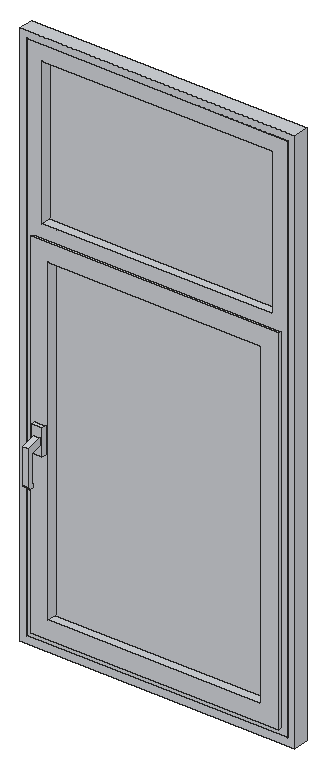
Revit family "Окно.Alumark_с фрамугой_S44", category Окна, Revit 2017 (continued)
Definition of nested family "Окна.Alumark_створка_двупольная (S44)"
  Definition of nested family "Окна.Alumark_фурнитура_поворотная двупольная (S44)"
    Forms (mm)
      Blend 3, solid, material <- "Материал ручки", detail levels fine
        top sketch origin (0, 0, 0) x (1, 0, 0) y (0, 1, 0)
          loop
            line (-8, -1) -> (-8, -21) -> (8, -21) -> (8, -1) -> (-8, -1)
        from 13 to 53
      Sweep 4, solid, material <- "Материал ручки", detail levels fine
        path origin (0, 0, 0) x (0, 1, 0) y (0, 0, 1)
          loop
            line (-6, 53) -> (-103.855, 53) -> (-110, 46.855) -> (-110, 38)
        profile origin (0, -54.928, 53) x (0, 0, -1) y (1, 0, 0)
          loop
            line (0, -8) -> (10, -8) -> (10, 8) -> (0, 8) -> (0, -8)
    Cuts and joins
      joined: Extrusion 2, Blend 3, Sweep 4
    Dimensions and locks
      Extrusion 2 sketch curve to plane 1 "По центру (Вперед/Назад)" to Extrusion 2 sketch curve = 37.5 mm, 37.5 mm
      aligned and locked: plane 2 to Extrusion 1
      aligned and locked: level to Extrusion 1
  Definition of nested family "Окна.Alumark_фурнитура_поворотно-откидная двупольная (S44)"
    Parameters (values of type "Окна.Alumark_фурнитура_поворотно-откидная однопольная (S44)")
      Width [instance] = 600 mm
      ТБМ_Фурн_Кол_7 [instance] = if(and(Width > 1200 mm, Height > 1200 mm), 1, 0)  # 0
      ТБМ_Фурн_Кол_6 [instance] = if(Width > 1200 mm, 1, 0)  # 0
      ТБМ_Фурн_Кол_5 [instance] = 1  # constant formula
      ТБМ_Фурн_Кол_4 [instance] = 1  # constant formula
      ТБМ_Фурн_Кол_3 [instance] = if(Height > 1200 mm, 1, 0)  # 0
      ТБМ_Фурн_Кол_2 [instance] = 1  # constant formula
      ТБМ_Фурн_Кол_1 [instance] = 1  # constant formula
      ТБМ_Фурн_Имя_7 [instance] = ""
      ТБМ_Фурн_Имя_6 [instance] = if(Width > 1200 mm, "Ножницы дополнительные", " ")  # " "
      ТБМ_Фурн_Имя_5 [instance] = if(Width > 1000 mm, "Ножницы №2", "Ножницы №1")  # "Ножницы №1"
      ТБМ_Фурн_Имя_4 [instance] = "Запорные элементы"  # constant formula
      ТБМ_Фурн_Имя_3 [instance] = if(Height > 1200 mm, "Средний прижим", "")  # ""
      ТБМ_Фурн_Имя_2 [instance] = "Петли комплект"  # constant formula
      ТБМ_Фурн_Имя_1 [instance] = "Ручка Prima"  # constant formula
      ТБМ_Фурн_Арт_7 [instance] = ""
      ТБМ_Фурн_Арт_6 [instance] = if(Width > 1200 mm, "GIE0107", " ")  # " "
      ТБМ_Фурн_Арт_5 [instance] = if(Width > 1000 mm, "GIE1342", "GIE1340")  # "GIE1340"
      ТБМ_Фурн_Арт_4 [instance] = "GIE1399"  # constant formula
      ТБМ_Фурн_Арт_3 [instance] = if(Height > 1200 mm, "GIE1341", "")  # ""
      ТБМ_Фурн_Арт_2 [instance] = "GIE1340"  # constant formula
      ТБМ_Фурн_Арт_1 [instance] = "GIE1169"  # constant formula
      ТБМ_Соответствие рекомендациям [instance] = if(or(Width > 1600 mm, Height > 2800 mm), "Размеры окна не соответствует рекомендациям компании ТБМ, требуется индивидуальный подбор", "Размеры окна соответствует рекомендациям компании ТБМ")  # "Размеры окна соответствует рекомендациям компании ТБМ"
      Default Elevation = 0 mm
      Description = "Окно Фурнитура ТБМ"
      Материал ручки [instance] = none
      Левая [instance] = yes
      Manufacturer = "ТБМ"  # constant formula
      Height [instance] = 600 mm
      Analytic Construction = "<Нет>"
      ADSK_Обозначение = ""
      ADSK_Наименование = "Комплектация поворотно-откидного окна FUTURA CLASSIC (80 кг)"  # constant formula
      ADSK_Марка [instance] = ""
    Reference planes
      plane 1 "По центру (Вперед/Назад)": y = 0
      plane 2: z = 0
      plane 3 "По центру (Влево/Вправо)": x = 0
    Forms (mm)
      Extrusion 1, solid
        sketch origin (0, 0, 0) x (1, 0, 0) y (0, 1, 0)
          loop
            line (-115, 157.5) -> (-115, -158.53) -> (116.434, -158.53) -> (116.434, 157.5) -> (-115, 157.5)
        from 0 to -30
      Extrusion 2, solid, material <- "Материал ручки", detail levels fine
        sketch origin (0, 0, 0) x (1, 0, 0) y (0, 1, 0)
          loop
            line (-15, 37.5) -> (-15, -37.5) -> (15, -37.5) -> (15, 37.5) -> (-15, 37.5)
        from 0 to 13
      Blend 3, solid, material <- "Материал ручки", detail levels fine
        base sketch origin (0, 0, 0) x (1, 0, 0) y (0, 1, 0)
          loop
            line (-8, 10) -> (-8, -10) -> (8, -10) -> (8, 10) -> (-8, 10)
        top sketch origin (0, 0, 0) x (1, 0, 0) y (0, 1, 0)
          loop
            line (-8, -1) -> (-8, -21) -> (8, -21) -> (8, -1) -> (-8, -1)
        from 13 to 53
      Sweep 4, solid, material <- "Материал ручки", detail levels fine
        path origin (0, 0, 0) x (0, 1, 0) y (0, 0, 1)
          loop
            line (-6, 53) -> (-103.855, 53) -> (-110, 46.855) -> (-110, 38)
        profile origin (0, -54.928, 53) x (0, 0, -1) y (1, 0, 0)
          loop
            line (0, -8) -> (10, -8) -> (10, 8) -> (0, 8) -> (0, -8)
    Cuts and joins
      joined: Extrusion 2, Blend 3, Sweep 4
    Dimensions and locks
      Extrusion 2 sketch curve to plane 1 "По центру (Вперед/Назад)" to Extrusion 2 sketch curve = 37.5 mm, 37.5 mm
      aligned and locked: plane 2 to Extrusion 1
      aligned and locked: level to Extrusion 1
Definition of nested family "Окна.Alumark_подоконник"
  Parameters (values of type "ПВХ")
    выступ_подоконника_размер [instance] = if(ADSK_Размер_Глубина > 30 mm, выступ_подоконника, 0 mm)  # 50 mm
    выступ_подоконника [instance] = 50 mm
    Width [instance] = 1500 mm
    ПВХ = yes
    Description = "Окно Подоконник"
    Материал подоконника [instance] = none
    Камень = no
    Manufacturer = ""
    Дерево = no
    Model = "Подоконник ПВХ"
    Type Comments = ""
    Assembly Code = ""
    Height = 20 mm
    Analytic Construction = "<Нет>"
    ADSK_Размер_Глубина [instance] = 600 mm
    ADSK_Обозначение = ""
    ADSK_Наименование = "Подоконник ПВХ"
    ADSK_Марка [instance] = ""
  Types (3, lengths in mm): name | ПВХ | Камень | Дерево | Model | ADSK_Наименование
    ПВХ | yes | no | no | "Подоконник ПВХ" | "Подоконник ПВХ"
    Дерево | no | no | yes | "Подоконник деревянный" | "Подоконник деревянный"
    Камень | no | yes | no | "Подоконник каменный" | "Подоконник каменный"
  Reference planes
    plane 1 "Назад": y = 0
    plane 2: z = 0
    plane 3 "По центру (Влево/Вправо)": x = 0
    plane 4: y = -600
    plane 5 "Верх": z = 20
    plane 6: x = -750
    plane 7: x = 750
    plane 8: y = -550
  Forms (mm)
    Extrusion 1, solid, material <- "Материал подоконника", visible <- "ПВХ", detail levels fine
      sketch origin (-725, 1233.894, 1200) x (0, 1, 0) y (0, 0, 1)
        loop
          line (-1233.894, -1180) -> (-1833.894, -1180) -> (-1833.894, -1220) -> (-1823.894, -1220) -> (-1823.894, -1200) -> (-1233.894, -1200) -> (-1233.894, -1180)
      from -25 to 1475
    Extrusion 2, solid, material <- "Материал подоконника", visible <- "Дерево", detail levels fine
      sketch origin (-725, 1233.894, 1400) x (0, 1, 0) y (0, 0, 1)
        loop
          line (-1233.894, -1380) -> (-1813.894, -1380)
          arc (-1813.894, -1380) -> (-1828.036, -1385.858) -> (-1833.894, -1400) r 20
          line (-1833.894, -1400) -> (-1833.894, -1420) -> (-1813.894, -1420) -> (-1813.894, -1400) -> (-1233.894, -1400) -> (-1233.894, -1380)
      from -25 to 1475
    Extrusion 3, solid, material <- "Материал подоконника", visible <- "Камень", detail levels fine
      sketch origin (-725, 1233.894, 1580) x (0, 1, 0) y (0, 0, 1)
        loop
          line (-1233.894, -1560) -> (-1818.894, -1560) -> (-1818.894, -1565)
          arc (-1818.894, -1565) -> (-1825.965, -1567.929) -> (-1828.894, -1575) r 10
          line (-1828.894, -1575) -> (-1833.894, -1575) -> (-1833.894, -1600) -> (-1813.894, -1600) -> (-1813.894, -1580) -> (-1233.894, -1580) -> (-1233.894, -1560)
      from -25 to 1475
  Lines and regions (mm)
    Masking region 1, detail levels fine
      outline origin (0, 0, 0) x (1, 0, 0) y (0, 1, 0)
        loop
          line (-750, 0) -> (-750, -600) -> (750, -600) -> (750, 0) -> (-750, 0)
    Masking region 2, detail levels medium
      outline origin (0, 0, 0) x (1, 0, 0) y (0, 1, 0)
        loop
          line (-750, 0) -> (-750, -550) -> (750, -550) -> (750, 0) -> (-750, 0)
  Dimensions and locks
    "ADSK_Размер_Глубина": plane 4 to plane 1 "Назад"
    "Height": plane 5 "Верх" to plane 2
    locked: plane 2 to Extrusion 1 sketch curve at 20
    equal spacing: plane 6, plane 3 "По центру (Влево/Вправо)", plane 7
    locked: Extrusion 1 sketch curve to plane 4 at 10
    locked: plane 2 to Extrusion 2 sketch curve at 20
    locked: Extrusion 2 sketch curve to plane 4 at 20
    locked: plane 2 to Extrusion 3 sketch curve at 20
    locked: Extrusion 3 sketch curve to plane 4 at 20
    locked: plane 5 "Верх" to Extrusion 3 sketch curve at 15
    locked: Extrusion 3 sketch curve to plane 4 at 15
    "Width": plane 6 to plane 7
    "выступ_подоконника_размер": plane 8 to plane 4
    aligned and locked: level to plane 2
    aligned and locked: Extrusion 1 sketch curve to plane 5 "Верх"
    aligned and locked: level to Extrusion 1 sketch curve
    aligned and locked: plane 1 "Назад" to Extrusion 1 sketch curve
    aligned and locked: plane 4 to Extrusion 1 sketch curve
    aligned and locked: plane 4 to Masking region 1 sketch curve
    aligned and locked: plane 1 "Назад" to Masking region 1 sketch curve
    aligned and locked: plane 1 "Назад" to Masking region 2 sketch curve
    aligned and locked: plane 6 to Masking region 2 sketch curve
    aligned and locked: Masking region 2 sketch curve to plane 7
    aligned and locked: Masking region 1 sketch curve to plane 7
    aligned and locked: plane 6 to Masking region 1 sketch curve
    aligned and locked: Extrusion 1 to plane 6
    aligned and locked: plane 7 to Extrusion 1
    aligned and locked: Extrusion 2 sketch curve to plane 1 "Назад"
    aligned and locked: Extrusion 2 sketch curve to plane 5 "Верх"
    aligned and locked: Extrusion 2 sketch curve to plane 2
    aligned and locked: Extrusion 2 sketch curve to plane 4
    aligned and locked: Extrusion 2 sketch curve to Extrusion 2 sketch curve
    aligned and locked: plane 2 to Extrusion 2 sketch curve
    aligned and locked: Extrusion 3 sketch curve to plane 1 "Назад"
    aligned and locked: Extrusion 3 sketch curve to plane 4
    aligned and locked: Extrusion 3 sketch curve to plane 2
    aligned and locked: Extrusion 3 sketch curve to plane 5 "Верх"
    aligned and locked: Extrusion 3 sketch curve to Extrusion 3 sketch curve  (x2)
    aligned and locked: Extrusion 3 to plane 6
    aligned and locked: Extrusion 2 to plane 6
    aligned and locked: plane 7 to Extrusion 3
    aligned and locked: plane 7 to Extrusion 2
    aligned and locked: plane 8 to Masking region 2 sketch curve
  Automatic sketch dimensions
    plane 4 to Extrusion 3 sketch curve = 5 mm
Definition of nested family "Окна.Alumark_фурнитура_поворотно-откидная двупольная (S44)"
  Parameters (values of type "Окна.Alumark_фурнитура_поворотно-откидная однопольная (S44)")
    Width [instance] = 600 mm
    ТБМ_Фурн_Кол_7 [instance] = if(and(Width > 1200 mm, Height > 1200 mm), 1, 0)  # 0
    ТБМ_Фурн_Кол_6 [instance] = if(Width > 1200 mm, 1, 0)  # 0
    ТБМ_Фурн_Кол_5 [instance] = 1  # constant formula
    ТБМ_Фурн_Кол_4 [instance] = 1  # constant formula
    ТБМ_Фурн_Кол_3 [instance] = if(Height > 1200 mm, 1, 0)  # 0
    ТБМ_Фурн_Кол_2 [instance] = 1  # constant formula
    ТБМ_Фурн_Кол_1 [instance] = 1  # constant formula
    ТБМ_Фурн_Имя_7 [instance] = ""
    ТБМ_Фурн_Имя_6 [instance] = if(Width > 1200 mm, "Ножницы дополнительные", " ")  # " "
    ТБМ_Фурн_Имя_5 [instance] = if(Width > 1000 mm, "Ножницы №2", "Ножницы №1")  # "Ножницы №1"
    ТБМ_Фурн_Имя_4 [instance] = "Запорные элементы"  # constant formula
    ТБМ_Фурн_Имя_3 [instance] = if(Height > 1200 mm, "Средний прижим", "")  # ""
    ТБМ_Фурн_Имя_2 [instance] = "Петли комплект"  # constant formula
    ТБМ_Фурн_Имя_1 [instance] = "Ручка Prima"  # constant formula
    ТБМ_Фурн_Арт_7 [instance] = ""
    ТБМ_Фурн_Арт_6 [instance] = if(Width > 1200 mm, "GIE0107", " ")  # " "
    ТБМ_Фурн_Арт_5 [instance] = if(Width > 1000 mm, "GIE1342", "GIE1340")  # "GIE1340"
    ТБМ_Фурн_Арт_4 [instance] = "GIE1399"  # constant formula
    ТБМ_Фурн_Арт_3 [instance] = if(Height > 1200 mm, "GIE1341", "")  # ""
    ТБМ_Фурн_Арт_2 [instance] = "GIE1340"  # constant formula
    ТБМ_Фурн_Арт_1 [instance] = "GIE1169"  # constant formula
    ТБМ_Соответствие рекомендациям [instance] = if(or(Width > 1600 mm, Height > 2800 mm), "Размеры окна не соответствует рекомендациям компании ТБМ, требуется индивидуальный подбор", "Размеры окна соответствует рекомендациям компании ТБМ")  # "Размеры окна соответствует рекомендациям компании ТБМ"
    Default Elevation = 0 mm
    Description = "Окно Фурнитура ТБМ"
    Материал ручки [instance] = none
    Левая [instance] = yes
    Manufacturer = "ТБМ"  # constant formula
    Height [instance] = 600 mm
    Analytic Construction = "<Нет>"
    ADSK_Обозначение = ""
    ADSK_Наименование = "Комплектация поворотно-откидного окна FUTURA CLASSIC (80 кг)"  # constant formula
    ADSK_Марка [instance] = ""
  Reference planes
    plane 1 "По центру (Вперед/Назад)": y = 0
    plane 2: z = 0
    plane 3 "По центру (Влево/Вправо)": x = 0
  Forms (mm)
    Extrusion 1, solid
      sketch origin (0, 0, 0) x (1, 0, 0) y (0, 1, 0)
        loop
          line (-115, 157.5) -> (-115, -158.53) -> (116.434, -158.53) -> (116.434, 157.5) -> (-115, 157.5)
      from 0 to -30
    Extrusion 2, solid, material <- "Материал ручки", detail levels fine
      sketch origin (0, 0, 0) x (1, 0, 0) y (0, 1, 0)
        loop
          line (-15, 37.5) -> (-15, -37.5) -> (15, -37.5) -> (15, 37.5) -> (-15, 37.5)
      from 0 to 13
    Blend 3, solid, material <- "Материал ручки", detail levels fine
      base sketch origin (0, 0, 0) x (1, 0, 0) y (0, 1, 0)
        loop
          line (-8, 10) -> (-8, -10) -> (8, -10) -> (8, 10) -> (-8, 10)
      top sketch origin (0, 0, 0) x (1, 0, 0) y (0, 1, 0)
        loop
          line (-8, -1) -> (-8, -21) -> (8, -21) -> (8, -1) -> (-8, -1)
      from 13 to 53
    Sweep 4, solid, material <- "Материал ручки", detail levels fine
      path origin (0, 0, 0) x (0, 1, 0) y (0, 0, 1)
        loop
          line (-6, 53) -> (-103.855, 53) -> (-110, 46.855) -> (-110, 38)
      profile origin (0, -54.928, 53) x (0, 0, -1) y (1, 0, 0)
        loop
          line (0, -8) -> (10, -8) -> (10, 8) -> (0, 8) -> (0, -8)
  Cuts and joins
    joined: Extrusion 2, Blend 3, Sweep 4
  Dimensions and locks
    Extrusion 2 sketch curve to plane 1 "По центру (Вперед/Назад)" to Extrusion 2 sketch curve = 37.5 mm, 37.5 mm
    aligned and locked: plane 2 to Extrusion 1
    aligned and locked: level to Extrusion 1
Types (3, lengths in mm): name | профиль_створка_внизу_длина | ТБМ_Стеклопакет_Ширина 2 | ТБМ_Стеклопакет_Высота 2 | ТБМ_Площадь стеклопакета | ТБМ_Количество_Уголок жесткости | ТБМ_Количество_Уголок выравнивающий | ТБМ_Количество_Угловой соединитель створки | ТБМ_Количество_Распорный штифт | ТБМ_Длина_Штапик | ТБМ_Длина_Уплотнитель притвора | ТБМ_Длина_Уплотнитель наружный | ТБМ_Длина_Уплотнитель внутренний | ТБМ_Длина_Створка | ТБМ_Длина_Отлив | ТБМ_Артикул_Уплотнитель притвора | ТБМ_Артикул_Уголок жесткости | ТБМ_Артикул_Угловой соединитель створки | ТБМ_Артикул_Створка | ТБМ_Артикул_Отлив | Створка внизу
  (no name) | 3480 | 626 | 926 | 0.880872 m² | 4 | 8 | 4 | 32 | 5448 | 3480 | 8120 | 8120 | 3480 | -26 | "ALM770001" | "ALM744501" | "ALM420011" | "ALM244201" | "ALM460035-1.07" | Окна.Alumark_створка_двупольная (S44) : Правая-откидная
  760х1560 (правое-откидное) | 3480 | 626 | 926 | 0.880872 m² | 4 | 8 | 4 | 32 | 5448 | 3480 | 8120 | 8120 | 3480 | -26 | "ALM770001" | "ALM744501" | "ALM420011" | "ALM244201" | "ALM460035-1.07" | Окна.Alumark_створка_двупольная (S44) : Правая-откидная
  760х1560 (глухое) | 0 | 694 | 994 | 0.991032 m² | 0 | 4 | 0 | 16 | 5744 | 0 | 9280 | 9280 | 0 | 0 | "" | "" | "" | "" | "" | Окна.Alumark_створка_двупольная (S44) : Глухая
